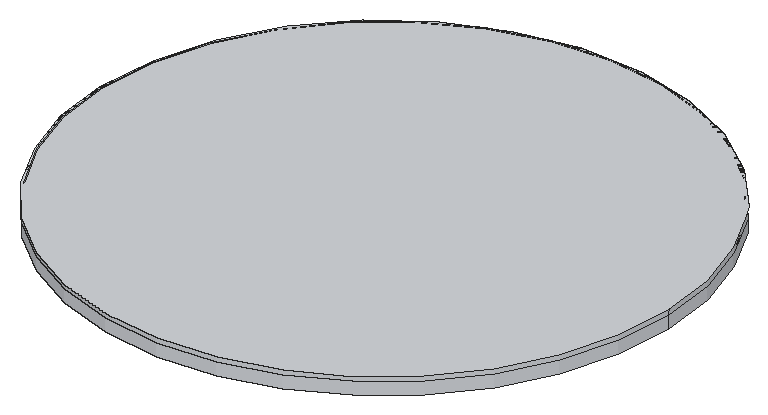
Revit family "cap_lid", category Generic Models, Revit 2025
Family settings
  Can host rebar = No
  Round Connector Dimension = Use Diameter
  Part Type = Normal
  Work Plane-Based = No
  Always vertical = Yes
  Cut with Voids When Loaded = No
  Maintain Annotation Orientation = No
  Shared = No
  Room Calculation Point = No
Parameters
  Nominal Diameter = 0' - 4 1/2"
  Lip Size = 0' - 0 1/4"
  Gauge = 0' - 0 1/16"
  Diameter Inner = Diameter - Gauge  # 0' - 8 7/16"
  Diameter = Nominal Diameter * 1.8889  # 0' - 8 1/2"
  Default Elevation = 0' - 0"
Reference planes (in)
  plane 1 "Center (Front/Back)": y = 0
  plane 2: z = 0
  plane 3 "Center (Left/Right)": x = 0
  plane 4: y = 4.25
  plane 5: y = -4.25
  plane 6: x = -4.25
  plane 7: x = 4.25
  plane 8: z = 0.0625
  plane 9: z = -0.0625
  plane 10: z = -0.25
Forms (in)
  Extrusion 1, solid
    sketch origin (-8.82302, -180, 0.0625) x (-1, 0, 0) y (0, -1, 0)
      loop
        circle (-8.82302, -180) r 4.25
    from -0.0625 to -0.125
  Extrusion 2, solid
    sketch origin (-8.82302, -180, 0.0625) x (-1, 0, 0) y (0, -1, 0)
      loop
        circle (-8.82302, -180) r 4.21875
      loop
        circle (-8.82302, -180) r 4.25
    from -0.0625 to -0.3125
Dimensions and locks (in)
  equal spacing: plane 5, plane 1 "Center (Front/Back)", plane 4
  equal spacing: plane 6, plane 3 "Center (Left/Right)", plane 7
  "Diameter": plane 4 to plane 5
  "Diameter": plane 6 to plane 7
  "Gauge": level to plane 9
  "Lip Size": level to plane 10
  "Diameter": diameter of Extrusion 2 sketch curve
  "Diameter Inner": diameter of Extrusion 2 sketch curve
  aligned and locked: plane 2 to level
  aligned and locked: plane 3 "Center (Left/Right)" to Extrusion 1 sketch curve
  aligned and locked: plane 1 "Center (Front/Back)" to Extrusion 1 sketch curve
  aligned and locked: level to Extrusion 1
  aligned and locked: Extrusion 1 to plane 9
  aligned and locked: plane 3 "Center (Left/Right)" to Extrusion 2 sketch curve  (x2)
  aligned and locked: plane 1 "Center (Front/Back)" to Extrusion 2 sketch curve  (x2)
  aligned and locked: Extrusion 2 to plane 10
  aligned and locked: level to Extrusion 2
Automatic sketch dimensions
  radius of Extrusion 1 sketch curve = 0' - 4 1/4"
